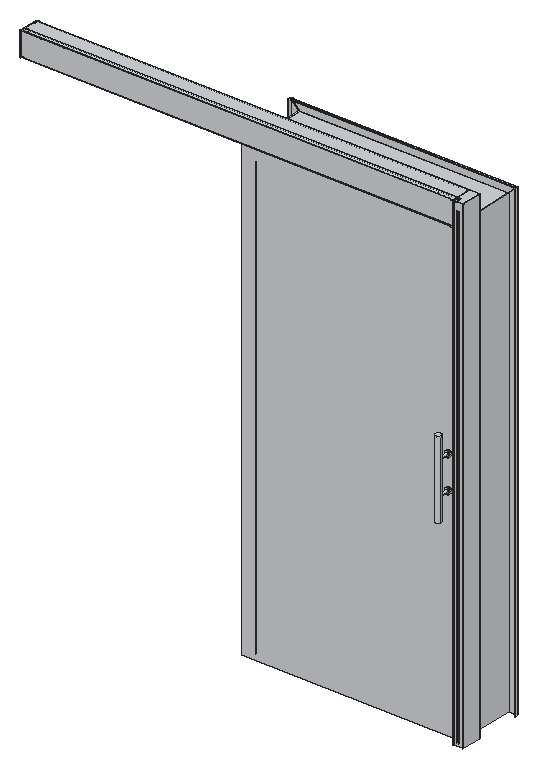
Revit family "R0000106", category Türen, Revit 2021
Family settings
  Basisbauteil = Wand
  Immer vertikal = Ja
  Beim Laden mit Abzugskörper schneiden = Nein
  Gemeinsam genutzt = Nein
  Raumberechnungspunkt = Ja
Parameters (values of type "BOS w SvdW-D Typ42 SK2 2-schalig als Schallschutzelement mit NOVA 150 BOS Holz")
  Grifftiefe = 60 mm  # constant formula
  Türblatt - Auswahl = "42 mm"  # constant formula
  TB = if([wSvdW-D Typ42 SK2 mit NOVA 150 BOS Holz], 1, 1)  # 1
  Schallschutzklasse [instance] = if(Schallschutzanforderung < 1, 0, 2)  # 2
  Schallschutzanforderung - Auswahl [instance] = if(Schallschutzklasse = 0, "Keine", "SK2")  # "SK2"
  Schallschutzanforderung [instance] = 2  # constant formula
  Schallschutz [instance] = if(Schallschutzklasse > 0, 1, 0)  # 1
  Info-Texte sichtbar = yes
  Grifflänge = 350 mm  # constant formula
  RRH Rohbau_Richtmaß_Höhe   Structural Wall Opening Height Measurement [instance] = LDH effektiv Lichte Durchgangs Höhe effektiv   Real Clearance Height + Einfügepunkt  # 2125 mm
  RRB Rohbau_Richtmaß_Breite   Structural Wall Opening Width Measurement [instance] = LDB Lichte Durchgangs Breite   Clearance Width + (2 * Einfügepunkt)  # 1000 mm
  Material - Türgriff = none
  Griffradius = 12.5 mm  # constant formula
  Führungsnutbreite = 18 mm  # constant formula
  Führungsnuttiefe = 36 mm  # constant formula
  Türblatt geöffnet in ...% LDB effektiv [instance] = if(Türblatt geöffnet in ...% LDB effektiv  Doorleaf opened in ...% Real Clearance Width < 0, 0, if(Türblatt geöffnet in ...% LDB effektiv  Doorleaf opened in ...% Real Clearance Width > 100, 100, Türblatt geöffnet in ...% LDB effektiv  Doorleaf opened in ...% Real Clearance Width))  # 0
  Türblatt geöffnet in ...% LDB effektiv  Doorleaf opened in ...% Real Clearance Width [instance] = 0
  Spiegel hinten min. = 42 mm  # constant formula
  Spiegel hinten max. = 80 mm  # constant formula
  wSvdW-D Typ42 SK2 mit NOVA 150 BOS Holz = yes
  Türblatteinstand [instance] = if(DIN rechts   DIN Right, 14 mm, Spiegel vorne STR)  # 14 mm
  Variante - Auswahl [instance] = if(Standardmaße, "Standardmaße", "Sondermaße")  # "Standardmaße"
  Spiegel vorne KS [instance] = 30 mm  # constant formula
  Spiegel vorne STR [instance] = if(DIN links   DIN Left, 40 mm, 43.5 mm)  # 43.5 mm
  Spiegel vorne STL [instance] = if(DIN rechts   DIN Right, 40 mm, 43.5 mm)  # 40 mm
  STR-länge [instance] = LDH effektiv Lichte Durchgangs Höhe effektiv   Real Clearance Height  # 2093 mm
  STL-länge [instance] = LDH effektiv Lichte Durchgangs Höhe effektiv   Real Clearance Height  # 2093 mm
  Putzwinkel vorne KS = 17 mm  # constant formula
  Putzwinkel vorne STR = 17 mm  # constant formula
  Putzwinkel vorne STL = 14 mm  # constant formula
  Putzwinkel vorne AP = 15 mm  # constant formula
  Putzwinkel hinten min. = 9 mm  # constant formula
  Putzwinkel hinten max. = 28 mm  # constant formula
  Material - Dichtung = none
  KS-länge [instance] = LDB Lichte Durchgangs Breite   Clearance Width  # 936 mm
  Griffhöhe = 1068 mm  # constant formula
  Feuchte-/Nässeschutzklasse [instance] = if([Feuchte-/Nässeschutzanforderung] < 1, 0, 1)  # 0
  Feuchte-/Nässeschutzanforderung - Auswahl [instance] = if([Feuchte-/Nässeschutzanforderung] < 1, "Keine", "FR")  # "Keine"
  Feuchte-/Nässeschutzanforderung [instance] = 0
  Feuchte-/Nässeschutz [instance] = if([Feuchte-/Nässeschutzklasse] > 0, 1, 0)  # 0
  Dornmaß = 55 mm  # constant formula
  GT min. [instance] = Putzwinkel hinten min. + MW min. + if(DIN rechts   DIN Right, Putzwinkel vorne STR, Putzwinkel vorne STR)  # 126 mm
  GT max. [instance] = Putzwinkel hinten max. + MW max. + if(DIN rechts   DIN Right, Putzwinkel vorne STR, Putzwinkel vorne STR)  # 605 mm
  GT Profil STR [instance] = Putzwinkel hinten + MW Maulweite   Receiving Opening + 93.5 mm  # 308.5 mm
  GT Profil STL [instance] = Putzwinkel hinten + MW Maulweite   Receiving Opening + Putzwinkel vorne STL  # 229 mm
  Fußbodenaufbau - Auswahl [instance] = if(Fußbodenaufbau < 0 mm, 0 mm, if(Fußbodenaufbau > 150 mm, 150 mm, Fußbodenaufbau))  # 0 mm
  Fußbodenaufbau [instance] = 0 mm
  Fingerschutz-Abstand = Dornmaß - 14 mm  # 41 mm
  Material - Türblatt = none
  LDH effektiv Lichte Durchgangs Höhe effektiv   Real Clearance Height [instance] = if(Standardmaße, if(Standardmaß LDH effektiv Lichte Durchgangs Höhe effektiv   Real Clearance Height Choice < 2, 1968 mm, 2093 mm), if(Sondermaß LDH effektiv Lichte Durchgangs Höhe effektiv   Real Clearance Height Specification < LDH min., LDH min., if(Sondermaß LDH effektiv Lichte Durchgangs Höhe effektiv   Real Clearance Height Specification > LDH max., LDH max., Sondermaß LDH effektiv Lichte Durchgangs Höhe effektiv   Real Clearance Height Specification)))  # 2093 mm
  LDB effektiv Lichte Durchgangs Breite effektiv   Real Clearance Width [instance] = LDB Lichte Durchgangs Breite   Clearance Width - [Fingerschutz-Abstand] - Dornmaß  # 840 mm
  NOVA 150 BOS Holz = [wSvdW-D Typ42 SK2 mit NOVA 150 BOS Holz]  # yes
  Zargenblechstärke = 1.5 mm  # constant formula
  Türblattreferenz [instance] = TAB Türblatt Außenmaß Breite - if(DIN rechts   DIN Right, Spiegel vorne STL, 14 mm) - (if(DIN links   DIN Left, -1, 1) * Türblatt geöffnet in ...% LDB effektiv * (LDB effektiv Lichte Durchgangs Breite effektiv   Real Clearance Width - [Fingerschutz-Abstand] + Dornmaß) / 100)  # 950 mm
  Türblattabstand unten [instance] = 9.5 mm  # constant formula
  TAH Türblatt_Außenmaß_Höhe   Door Leaf Overall Height Measurement [instance] = LDH effektiv Lichte Durchgangs Höhe effektiv   Real Clearance Height + 17 mm  # 2110 mm
  TAH Türblatt Außenmaß Höhe [instance] = TAH Türblatt_Außenmaß_Höhe   Door Leaf Overall Height Measurement  # 2110 mm
  TAB Türblatt_Außenmaß_Breite   Door Leaf Overall Width Measurement [instance] = LDB Lichte Durchgangs Breite   Clearance Width + 54 mm  # 990 mm
  TAB Türblatt Außenmaß Breite [instance] = TAB Türblatt_Außenmaß_Breite   Door Leaf Overall Width Measurement  # 990 mm
  Standardmaße [instance] = yes
  Sondermaße [instance] = not(Standardmaße)  # no
  Putzwinkel hinten   Backbend Back [instance] = 15 mm  # constant formula
  Wandstärke   Wall Thickness [instance] = 200 mm
  Material - Laufschiene = none
  Material - Führungszapfen = none
  Laufkastenlänge [instance] = AMB Außenmaß_Breite   Overall Width Measurement - 46.5 mm  # 1955.5 mm
  LDB Lichte Durchgangs Breite   Clearance Width [instance] = if(Standardmaße, if(Standardmaß LDB Lichte Durchgangs Breite   Clearance Width Choice < 2, 686 mm, if(Standardmaß LDB Lichte Durchgangs Breite   Clearance Width Choice = 2, 811 mm, if(Standardmaß LDB Lichte Durchgangs Breite   Clearance Width Choice = 3, 936 mm, if(Standardmaß LDB Lichte Durchgangs Breite   Clearance Width Choice = 4, 1061 mm, 1186 mm)))), if(Sondermaß LDB Lichte Durchgangs Breite   Clearance Width Specification < LDB min., LDB min., if(Sondermaß LDB Lichte Durchgangs Breite   Clearance Width Specification > LDB max., LDB max., Sondermaß LDB Lichte Durchgangs Breite   Clearance Width Specification)))  # 936 mm
  URL = "www.BestOfSteel.de/stahlzargen/zargen-fuer-schiebetueren/lineaoutside/lineaoutside-d"
  Türblattstärke = if(TB = 1, 42 mm, 42 mm)  # 42 mm
  Türblattversatz [instance] = (Wandstärke   Wall Thickness / 2) + 46 mm  # 146 mm
  Spiegel hinten   Architrave Back [instance] = 42 mm
  Spiegel hinten [instance] = if(Spiegel hinten   Architrave Back < Spiegel hinten min., Spiegel hinten min., if(Spiegel hinten   Architrave Back > Spiegel hinten max., Spiegel hinten max., Spiegel hinten   Architrave Back))  # 42 mm
  Rough Height = 0 mm  # constant formula
  Rough Width = 0 mm  # constant formula
  Rechtliche Hinweise [instance] = "www.BestOfSteel.de/tools-downloads/bim-building-information-modeling/"
  Putzwinkel hinten [instance] = if(Putzwinkel hinten   Backbend Back < Putzwinkel hinten min., Putzwinkel hinten min., if(Putzwinkel hinten   Backbend Back > Putzwinkel hinten max., Putzwinkel hinten max., Putzwinkel hinten   Backbend Back))  # 15 mm
  Modell = "wSvdW-D Typ42 SK2 mit NOVA 150 BOS Holz"
  Material - Zarge = none
  Material = "grundiert, feuerverzinktes Feinblech nach DIN EN 10143"
  MW min. = 100 mm  # constant formula
  MW max. = 560 mm  # constant formula
  MW Maulweite   Receiving Opening [instance] = if(Wandstärke   Wall Thickness < MW min., MW min., if(Wandstärke   Wall Thickness > MW max., MW max., Wandstärke   Wall Thickness))  # 200 mm
  Information in English = no
  Height [instance] = RRH Rohbau_Richtmaß_Höhe   Structural Wall Opening Height Measurement  # 2125 mm
  Hersteller = "BOS GmbH Best Of Steel, Lütkenfelde 4, D-48282 Emsdetten"
  GT Gesamttiefe_Zarge   Total Profile Depth [instance] = Putzwinkel hinten + MW Maulweite   Receiving Opening + if(DIN rechts   DIN Right, Putzwinkel vorne STL, Putzwinkel vorne STR)  # 229 mm
  MW Fehler [instance] = or(Wandstärke   Wall Thickness < MW min., Wandstärke   Wall Thickness > MW max.)  # no
  Funktion = Innen
  LDH min. = 1843 mm  # constant formula
  LDH max. = 2218 mm  # constant formula
  LDB min. = 561 mm  # constant formula
  LDB max. = 1186 mm  # constant formula
  Einfügepunkt = 32 mm  # constant formula
  Griffstange = 1 < 2  # yes
  Dicke = 0 mm  # constant formula
  Dichtungsprofil 16 mm = 1 > 2  # no
  DIN rechts   DIN Right [instance] = yes
  DIN links   DIN Left [instance] = not(DIN rechts   DIN Right)  # no
  DIN Richtung [instance] = if(DIN links   DIN Left, "DIN links", "DIN rechts")  # "DIN rechts"
  Width = 0 mm  # constant formula
  Beschreibung = "2-schalige Schiebetürzarge für vor der Wand laufende Schiebetüren (LineaOutside-D Typ42 SK2) als Schallschutzelement"
  Bauelement = "BOS Stahlzarge"
  BOS-Architekten-Beratung = "Tel.: +49 (0) 2572 203-203; E-Mail: architekten@BestOfSteel.de"
  BE Bodeneinstand   Foundation Bedding [instance] = 0 mm
  BE Bodeneinstand [instance] = if(BE Bodeneinstand   Foundation Bedding < 0 mm, 0 mm, if(BE Bodeneinstand   Foundation Bedding > BE max., BE max., BE Bodeneinstand   Foundation Bedding))  # 0 mm
  BE max. = 100 mm  # constant formula
  Standardmaß LDH effektiv Lichte Durchgangs Höhe effektiv   Real Clearance Height Choice [instance] = 2
  Sondermaß LDH effektiv Lichte Durchgangs Höhe effektiv   Real Clearance Height Specification [instance] = 2093 mm
  Sondermaß LDB Lichte Durchgangs Breite   Clearance Width Specification [instance] = 936 mm
  Standardmaß LDB Lichte Durchgangs Breite   Clearance Width Choice [instance] = 3
  Technische Infos rund um die Stahlzarge = "www.BestOfSteel.de/tools-downloads/technische-infos-rund-um-die-stahlzarge/"
  Aufdopplungstiefe = 3 mm  # constant formula
  Aufdopplungslage [instance] = if(DIN rechts   DIN Right, TAB Türblatt Außenmaß Breite - Spiegel vorne STL, 0 mm)  # 950 mm
  Aufdopplungsbreite [instance] = 40 mm  # constant formula
  Aufdopplung = 1 < 2  # yes
  Anschlagprofillage [instance] = if(DIN rechts   DIN Right, LDB Lichte Durchgangs Breite   Clearance Width, 0 mm)  # 936 mm
  Anschlagprofilbreite = 95 mm  # constant formula
  Anschlagprofillänge [instance] = LDH effektiv Lichte Durchgangs Höhe effektiv   Real Clearance Height + 110 mm  # 2203 mm
  Anforderungen - Auswahl [instance] = if([Feuchte-/Nässeschutzanforderung] < 1, "SK2", "SK2 und FR")  # "SK2"
  AMH Außenmaß_Höhe   Overall Height Measurement [instance] = LDH effektiv Lichte Durchgangs Höhe effektiv   Real Clearance Height + 110 mm  # 2203 mm
  AMB Außenmaß_Breite   Overall Width Measurement [instance] = (2 * LDB Lichte Durchgangs Breite   Clearance Width) + 130 mm  # 2002 mm
  1-Kammer-Dichtung = [wSvdW-D Typ42 SK2 mit NOVA 150 BOS Holz]  # yes
Reference planes
  plane 1 "Wand": y = 0
  plane 2 "Mitte (Links/rechts)": x = 125
  plane 3 "Hinten": y = 100
  plane 4 "Vorne": y = -100
  plane 5 "RRB links": x = -375
  plane 6 "RRB rechts": x = 625
  plane 7 "RRH oben": z = 2125
  plane 8 "BE": z = 0
  plane 9 "LDH oben": z = 2093
  plane 10 "BE max.": z = -100
  plane 11 "LDB links": x = -343
  plane 12 "LDB rechts": x = 593
  plane 13 "OFF": z = 0
  plane 14 "Türblattachse": y = -146
Forms (mm)
  Sweep 1, void
    path origin (0, -100, 0) x (-1, 0, 0) y (0, 0, 1)
      loop
        line (375, 0) -> (375, 2125) -> (-125, 2125)
    profile origin (-375, -100, 1062.5) x (1, 0, 0) y (0, 1, 0)
      loop
        line (0, 200) -> (0, 0) -> (500, 0) -> (500, 200) -> (0, 200)
  Sweep 2, void
    path origin (0, -100, 0) x (-1, 0, 0) y (0, 0, 1)
      loop
        line (-625, 0) -> (-625, 2125) -> (-125, 2125)
    profile origin (625, -100, 1062.5) x (1, 0, 0) y (0, 1, 0)
      loop
        line (-500, 200) -> (-500, 0) -> (0, 0) -> (0, 200) -> (-500, 200)
Lines and regions (mm)
  reference lines
    curve 1: line (65, 650, 0) -> (185, 650, 0)
    curve 2: line (65, -650, 0) -> (185, -650, 0)
    curve 3: line (1125, 100, 0) -> (1125, -100, 0)
Text (mm)
  text "Außen     " at (-1696.17, 830.944, 0), in view "Ref.-Ebene"
  text "Außen" at (0, 1409.804, 2854.306), in view "Links"
  text "Placement side" at (0, 499.811, 2980.732), in view "Rechts"
Dimensions and locks
  locked: plane 3 "Hinten" to host wall
  locked: host wall to plane 4 "Vorne"
  level to plane 7 "RRH oben" = 2125 mm
  equal spacing: plane 5 "RRB links", plane 2 "Mitte (Links/rechts)", plane 6 "RRB rechts"
  "Wandstärke   Wall Thickness": host wall to host wall
  "LDH effektiv Lichte Durchgangs Höhe effektiv   Real Clearance Height": plane 9 "LDH oben" to plane 13 "OFF"
  "RRH Rohbau_Richtmaß_Höhe   Structural Wall Opening Height Measurement": plane 7 "RRH oben" to plane 13 "OFF"
  "RRB Rohbau_Richtmaß_Breite   Structural Wall Opening Width Measurement": plane 5 "RRB links" to plane 6 "RRB rechts"
  curve 2 to plane 4 "Vorne" to plane 3 "Hinten" to curve 1 = 550 mm, 200 mm, 550 mm
  equal spacing: plane 11 "LDB links", plane 2 "Mitte (Links/rechts)", plane 12 "LDB rechts"
  "LDB Lichte Durchgangs Breite   Clearance Width": plane 11 "LDB links" to plane 12 "LDB rechts"
  plane 6 "RRB rechts" to curve 3 = 500 mm
  "Fußbodenaufbau - Auswahl": plane 13 "OFF" to level
  "BE Bodeneinstand": plane 13 "OFF" to plane 8 "BE"
  "Türblattversatz": plane 14 "Türblattachse" to host wall
  "BE max.": level to plane 10 "BE max."
  aligned and locked: plane 1 "Wand" to host wall
  aligned and locked: plane 9 "LDH oben" to nested 1
  aligned and locked: plane 4 "Vorne" to nested 1
  aligned and locked: plane 2 "Mitte (Links/rechts)" to nested 1
  aligned and locked: plane 3 "Hinten" to curve 3
  aligned and locked: plane 4 "Vorne" to curve 3
  aligned and locked: nested 2 to curve 3
  aligned and locked: plane 1 "Wand" to nested 2
  aligned and locked: plane 2 "Mitte (Links/rechts)" to nested 3
  aligned and locked: curve 2 to nested 4
  aligned and locked: nested 4 to plane 2 "Mitte (Links/rechts)"
  aligned and locked: plane 11 "LDB links" to nested 6
  aligned and locked: plane 12 "LDB rechts" to nested 8
  aligned and locked: nested 6 to plane 4 "Vorne"
  aligned and locked: plane 4 "Vorne" to nested 8
  aligned and locked: plane 11 "LDB links" to nested 7
  aligned and locked: plane 12 "LDB rechts" to nested 9
  aligned and locked: plane 4 "Vorne" to nested 9
  aligned and locked: nested 7 to plane 4 "Vorne"
  aligned and locked: nested 5 to plane 4 "Vorne"
  aligned and locked: plane 2 "Mitte (Links/rechts)" to nested 5
  aligned and locked: plane 11 "LDB links" to nested 11
  aligned and locked: plane 12 "LDB rechts" to nested 10
  aligned and locked: nested 10 to plane 4 "Vorne"
  aligned and locked: plane 4 "Vorne" to nested 11
  aligned and locked: plane 5 "RRB links" to nested 12
  aligned and locked: plane 6 "RRB rechts" to nested 13
  aligned and locked: nested 12 to plane 4 "Vorne"
  aligned and locked: plane 4 "Vorne" to nested 13
  aligned and locked: plane 14 "Türblattachse" to nested 14
  aligned and locked: plane 11 "LDB links" to nested 14
  aligned and locked: nested 5 to nested 15  (x2)
  aligned and locked: Sweep 1 sketch curve to plane 7 "RRH oben"
  aligned and locked: plane 2 "Mitte (Links/rechts)" to Sweep 1 sketch curve
  aligned and locked: plane 5 "RRB links" to Sweep 1 sketch curve  (x2)
  aligned and locked: level to Sweep 1 sketch curve
  aligned and locked: Sweep 1 sketch curve to plane 2 "Mitte (Links/rechts)"
  aligned and locked: Sweep 1 sketch curve to nested 12  (x2)
  aligned and locked: plane 2 "Mitte (Links/rechts)" to Sweep 2 sketch curve  (x2)
  aligned and locked: plane 7 "RRH oben" to Sweep 2 sketch curve
  aligned and locked: plane 6 "RRB rechts" to Sweep 2 sketch curve
  aligned and locked: level to Sweep 2 sketch curve
  aligned and locked: Sweep 2 sketch curve to plane 6 "RRB rechts"
  aligned and locked: Sweep 2 sketch curve to nested 13  (x2)
Automatic sketch dimensions
  plane 2 "Mitte (Links/rechts)" to curve 1 = 60 mm
  plane 2 "Mitte (Links/rechts)" to curve 2 = 60 mm
  curve 1 to plane 2 "Mitte (Links/rechts)" = 60 mm
  curve 2 to plane 2 "Mitte (Links/rechts)" = 60 mm
Nested families
  nested 1: "BOS-Laufkasten-(w)SvdW-D(SK2)_Modell-21" at (29.653, -64.347, 2122.996), type "Laufkasten", detail levels medium+fine
    with TSExtrusionsbeginn -1484.5 mm, TSExtrusionsende 464 mm, Laufkastenlänge 1955.5 mm, N355-Extrusionsende 436 mm, N355-Extrusionsbeginn -1456.5 mm, LKExtrusionsende 466.5 mm, LKExtrusionsbeginn -1487 mm, LDB 936 mm
  nested 2: "BOS-Info-Texte_Beschriftung-21" at (1125, -0.955, 0), visible <- "MW Fehler", type "Maulweite Fehlermeldung"
  nested 3: "BOS-Info-Texte_Beschriftung-21" at (125, 649.045, 0), visible <- "Info-Texte sichtbar", type "Technische Hinweise"
  nested 4: "BOS-Info-Texte_Beschriftung-21" at (125, -650.955, 0), visible <- "Info-Texte sichtbar", type "Rechtliche Hinweise"
  nested 5: "BOS-Kopfstück-wSvdW-D(SK2)_Modell-21" at (-47.574, -20.347, 2093), type "Kopfstück", detail levels medium+fine
    with Überstand rechts 45 mm, Überstand links 45 mm, Spiegel hinten 42 mm, Elementlänge 936 mm
  nested 6: "BOS-Seitenteil-wSvdW-D(SK2)_Modell-21" at (-438.347, -20.347, 0), visible <- "DIN rechts   DIN Right", type "Seitenteil links", detail levels medium+fine
  nested 7: "BOS-Seitenteil-wSvdW-D(SK2)_Modell-21" at (-438.347, -20.347, 0), visible <- "DIN links   DIN Left", type "Seitenteil rechts", detail levels medium+fine
    with Winkel 45.00°, Spiegel hinten 42 mm, Elementlänge 2093 mm, BE Bodeneinstand 0 mm
  nested 8: "BOS-Seitenteil-wSvdW-D(SK2)_Modell-21" at (688.347, -20.347, 0.004) x (-1, 0, 0) z (0, 0, 1), visible <- "DIN links   DIN Left", type "Seitenteil links", detail levels medium+fine
  nested 9: "BOS-Seitenteil-wSvdW-D(SK2)_Modell-21" at (688.347, -20.347, 0.004) x (-1, 0, 0) z (0, 0, 1), visible <- "DIN rechts   DIN Right", type "Seitenteil rechts", detail levels medium+fine
    with Winkel 45.00°, Spiegel hinten 42 mm, Elementlänge 2093 mm, BE Bodeneinstand 0 mm
  nested 10: "BOS-Anschlagprofil-(w)SvdW-D(SK2)_Modell-21" at (497.653, -20.347, 0), visible <- "DIN rechts   DIN Right", type "Anschlagprofil", detail levels medium+fine
    with Dichtungsprofil 16 mm no, 1-Kammer-Dichtung yes
  nested 11: "BOS-Anschlagprofil-(w)SvdW-D(SK2)_Modell-21" at (-247.653, -20.347, 0.004) x (-1, 0, 0) z (0, 0, 1), visible <- "DIN links   DIN Left", type "Anschlagprofil", detail levels medium+fine
    with Dichtungsprofil 16 mm no, 1-Kammer-Dichtung yes
  nested 12: "BOS-verkröpfter-Flachstahlanker-wSvdW_Detail-21" at (-375, -107.65, 0), type "BOS-verkröpfter-Flachstahlanker-wSvdW-links_Detail", detail levels fine
    with Unterfütterungsabstand vorne 44 mm, Putzwinkel vorne 14 mm, Ankerlasche vorne unten 12 mm
  nested 13: "BOS-verkröpfter-Flachstahlanker-wSvdW_Detail-21" at (625, -107.65, 0) x (-1, 0, 0) z (0, 0, 1), type "BOS-verkröpfter-Flachstahlanker-wSvdW-rechts_Detail", detail levels fine
    with Ankerlasche hinten 202 mm, Ankerlasche vorne unten 12 mm, Ankerabstand vorne 0 mm, Anker nach unten - rechts yes, Anker nach unten - links no
  nested 14: "JW-Türblatt-Schiebetürzargen_Modell-21" at (-414, -255, 0), type "JW Typ42 SK2 Professional"
    with Türblattreferenz 950 mm, Grifftiefe 60 mm, Griffposition 935 mm, Griffhöhe 1068 mm, TAB Türblatt Außenmaß Breite 990 mm, Bekleidung 0.5 mm, Aufdopplungslage 950 mm
  nested 15: "BOS-Logo_Modell-21" at (-379.5, 100, 0), type "BOS-Logo_Modell-21"
Definition of nested family "BOS-Laufkasten-(w)SvdW-D(SK2)_Modell-21"
  Parameters (values of type "BOS-Laufkasten-(w)SvdW-D_Modell-21")
    Default Elevation = 1219.2 mm
    URL = "www.BestOfSteel.de"
    Trägerschienenabstand = 2.5 mm  # constant formula
    Technische Infos rund um die Stahlzarge = "www.BestOfSteel.de/tools-downloads/technische-infos-rund-um-die-stahlzarge"
    TSExtrusionsbeginn = LKExtrusionsbeginn + Trägerschienenabstand  # -217 mm
    TSExtrusionsende = LKExtrusionsende - Trägerschienenabstand  # 56 mm
    Rechtliche Hinweise = "www.BestOfSteel.de/tools-downloads/bim-building-information-modeling"
    Material - Zarge = none
    Material - Laufschiene = none
    Laufschienenabstand = if([Laufschiene N355 (NOVA 150)], 28 mm, 28 mm)  # 28 mm
    Laufschiene N355 (NOVA 150) = yes
    Laufkastenlänge = 280 mm
    Laufkastenendkappenstärke = 2 mm
    N355-Extrusionsende = TSExtrusionsende - Laufschienenabstand  # 28 mm
    N355-Extrusionsbeginn = TSExtrusionsbeginn + Laufschienenabstand  # -189 mm
    LKExtrusionsende = if(DIN links, (Laufkastenlänge - Laufkastenendkappenstärke - LDB / 2 + 1.5 mm), LDB / 2 - 1.5 mm)  # 58.5 mm
    LKExtrusionsbeginn = if(DIN rechts, -(Laufkastenlänge - Laufkastenendkappenstärke - LDB / 2 + 1.5 mm), -LDB / 2 + 1.5 mm)  # -219.5 mm
    LDB = 120 mm
    DIN rechts = yes
    DIN links = no
    Description = "Laufkasten (w)SvdW-D"
    Keynote = "BOS Laufkasten"
    BOS-Architekten-Beratung = "Tel.: +49 (0) 2572 203-203; E-Mail: architekten@BestOfSteel.de"
  Reference planes
    plane 1 "Achse Laufschiene": y = -79.653
    plane 2 "Spiegel vorne oben": z = 0.004
    plane 3 "Mitte (Zarge)": x = 95.347
    plane 4 "LDB links/rechts": x = 35.347
    plane 5 "LDB rechts/links": x = 155.347
    plane 6 "AMH oben": z = 80.004
    plane 7 "Außen": y = -130.653
    plane 8 "Wand": y = -35.653
    plane 9 "LK unten": z = -29.996
  Forms (mm)
    Extrusion 1, solid, material <- "Material - Zarge"
      sketch origin (95.347, 0, -28.996) x (0, 1, 0) y (0, 0, 1)
        loop
          line (-38.653, 107.5) -> (-107.653, 107.5) -> (-107.653, 109) -> (-126.653, 109)
          arc (-126.653, 109) -> (-128.42, 108.268) -> (-129.153, 106.5) r 2.5
          line (-129.153, 106.5) -> (-129.153, 1.5)
          arc (-129.153, 1.5) -> (-128.42, -0.268) -> (-126.653, -1) r 2.5
          line (-126.653, -1) -> (-111.153, -1)
          arc (-111.153, -1) -> (-109.385, -0.268) -> (-108.653, 1.5) r 2.5
          line (-108.653, 1.5) -> (-108.653, 6.5) -> (-110.153, 6.5) -> (-110.153, 1.5)
          arc (-110.153, 1.5) -> (-110.446, 0.793) -> (-111.153, 0.5) r 1
          line (-111.153, 0.5) -> (-126.653, 0.5)
          arc (-126.653, 0.5) -> (-127.36, 0.793) -> (-127.653, 1.5) r 1
          line (-127.653, 1.5) -> (-127.653, 79.5) -> (-125.653, 79.5) -> (-125.653, 104.5)
          arc (-125.653, 104.5) -> (-125.36, 105.207) -> (-124.653, 105.5) r 1
          line (-124.653, 105.5) -> (-38.653, 105.5)
          arc (-38.653, 105.5) -> (-37.946, 105.207) -> (-37.653, 104.5) r 1
          line (-37.653, 104.5) -> (-37.653, 32)
          arc (-37.653, 32) -> (-37.946, 31.293) -> (-38.653, 31) r 1
          line (-38.653, 31) -> (-52.653, 31) -> (-52.653, 29) -> (-38.653, 29)
          arc (-38.653, 29) -> (-36.531, 29.879) -> (-35.653, 32) r 3
          line (-35.653, 32) -> (-35.653, 104.5)
          arc (-35.653, 104.5) -> (-36.531, 106.621) -> (-38.653, 107.5) r 3
      from -219.5 <- "LKExtrusionsbeginn" to 58.5 <- "LKExtrusionsende"
    Extrusion 2, solid, material <- "Material - Zarge"
      sketch origin (95.347, 0, 15.692) x (0, 1, 0) y (0, 0, 1)
        loop
          line (-55.153, 58.312) -> (-38.653, 58.312) -> (-38.653, 60.312) -> (-55.153, 60.312)
          arc (-55.153, 60.312) -> (-57.981, 59.14) -> (-59.153, 56.312) r 4
          line (-59.153, 56.312) -> (-59.153, 49.312)
          arc (-59.153, 49.312) -> (-59.738, 47.898) -> (-61.153, 47.312) r 2
          line (-61.153, 47.312) -> (-98.153, 47.312)
          arc (-98.153, 47.312) -> (-99.567, 47.898) -> (-100.153, 49.312) r 2
          line (-100.153, 49.312) -> (-100.153, 56.312)
          arc (-100.153, 56.312) -> (-101.324, 59.14) -> (-104.153, 60.312) r 4
          line (-104.153, 60.312) -> (-116.153, 60.312) -> (-116.153, 58.312) -> (-104.153, 58.312)
          arc (-104.153, 58.312) -> (-102.738, 57.726) -> (-102.153, 56.312) r 2
          line (-102.153, 56.312) -> (-102.153, 49.312)
          arc (-102.153, 49.312) -> (-100.981, 46.484) -> (-98.153, 45.312) r 4
          line (-98.153, 45.312) -> (-61.153, 45.312)
          arc (-61.153, 45.312) -> (-58.324, 46.484) -> (-57.153, 49.312) r 4
          line (-57.153, 49.312) -> (-57.153, 56.312)
          arc (-57.153, 56.312) -> (-56.567, 57.726) -> (-55.153, 58.312) r 2
      from -217 <- "TSExtrusionsbeginn" to 56 <- "TSExtrusionsende"
    Extrusion 3, solid, material <- "Material - Laufschiene"
      sketch origin (95.347, 0, 15.692) x (0, 1, 0) y (0, 0, 1)
        loop
          line (-61.903, 45.312) -> (-97.403, 45.312) -> (-97.403, -0.188) -> (-88.403, -0.188) -> (-88.403, 7.312) -> (-94.903, 9.678) -> (-94.903, 33.124) -> (-88.767, 35.357) -> (-88.767, 42.812) -> (-72.403, 42.812) -> (-72.403, 36.035) -> (-64.403, 33.124) -> (-64.403, 9.678) -> (-70.903, 7.312) -> (-70.903, -0.188) -> (-61.903, -0.188) -> (-61.903, 45.312)
      from -189 <- "N355-Extrusionsbeginn" to 28 <- "N355-Extrusionsende"
    Extrusion 4, solid, material <- "Material - Zarge", visible <- "DIN rechts"
      sketch origin (95.347, 0, -1.5) x (0, 1, 0) y (0, 0, 1)
        loop
          line (-38.653, 80.004) -> (-126.653, 80.004)
          arc (-126.653, 80.004) -> (-128.444, 78.982) -> (-129.153, 77.046) r 3
          line (-129.153, 77.046) -> (-129.153, -26.996)
          arc (-129.153, -26.996) -> (-128.274, -29.118) -> (-126.153, -29.996) r 3
          line (-126.153, -29.996) -> (-38.653, -29.996)
          arc (-38.653, -29.996) -> (-36.531, -29.118) -> (-35.653, -26.996) r 3
          line (-35.653, -26.996) -> (-35.653, 77.004)
          arc (-35.653, 77.004) -> (-36.531, 79.125) -> (-38.653, 80.004) r 3
      from -221.5 to -219.5
    Extrusion 5, solid, material <- "Material - Zarge", visible <- "DIN links"
      sketch origin (95.347, 0, -1.5) x (0, 1, 0) y (0, 0, 1)
        loop
          line (-38.653, 80.004) -> (-126.653, 80.004)
          arc (-126.653, 80.004) -> (-128.444, 78.982) -> (-129.153, 77.046) r 3
          line (-129.153, 77.046) -> (-129.153, -26.996)
          arc (-129.153, -26.996) -> (-128.274, -29.118) -> (-126.153, -29.996) r 3
          line (-126.153, -29.996) -> (-38.653, -29.996)
          arc (-38.653, -29.996) -> (-36.531, -29.118) -> (-35.653, -26.996) r 3
          line (-35.653, -26.996) -> (-35.653, 77.004)
          arc (-35.653, 77.004) -> (-36.531, 79.125) -> (-38.653, 80.004) r 3
      from 58.5 to 60.5
  Dimensions and locks
    "LDB": plane 5 "LDB rechts/links" to plane 4 "LDB links/rechts"
    equal spacing: plane 5 "LDB rechts/links", plane 3 "Mitte (Zarge)", plane 4 "LDB links/rechts"
    plane 6 "AMH oben" to plane 9 "LK unten" = 110 mm
    plane 8 "Wand" to plane 7 "Außen" = 95 mm  (x2)
    plane 8 "Wand" to plane 1 "Achse Laufschiene" = 44 mm
    plane 6 "AMH oben" to plane 2 "Spiegel vorne oben" = 80 mm
    "Laufkastenendkappenstärke": Extrusion 4 to Extrusion 4
    "Laufkastenendkappenstärke": Extrusion 5 to Extrusion 5
    aligned and locked: plane 2 "Spiegel vorne oben" to level
    aligned and locked: Extrusion 4 to Extrusion 1
    aligned and locked: Extrusion 5 to Extrusion 1
  Automatic sketch dimensions
    Extrusion 1 sketch curve to Extrusion 1 sketch curve = 0 mm  (x10)
    plane 7 "Außen" to Extrusion 1 sketch curve = 1.5 mm
    Extrusion 1 sketch curve to Extrusion 1 sketch curve = 1.5 mm
    Extrusion 1 sketch curve to Extrusion 1 sketch curve = 1 mm  (x5)
    Extrusion 1 sketch curve to Extrusion 1 sketch curve = 15.5 mm
    Extrusion 1 sketch curve to Extrusion 1 sketch curve = 17 mm
    Extrusion 1 sketch curve to plane 6 "AMH oben" = 80 mm
    plane 7 "Außen" to Extrusion 1 sketch curve = 78 mm
    plane 7 "Außen" to Extrusion 1 sketch curve = 92 mm
    Extrusion 1 sketch curve to Extrusion 1 sketch curve = 14 mm
    Extrusion 1 sketch curve to Extrusion 1 sketch curve = 2 mm  (x2)
    Extrusion 1 sketch curve to plane 6 "AMH oben" = 102.5 mm
    Extrusion 1 sketch curve to plane 6 "AMH oben" = 29.5 mm
    Extrusion 1 sketch curve to Extrusion 1 sketch curve = 72.5 mm
    Extrusion 2 sketch curve to Extrusion 2 sketch curve = 0 mm  (x8)
    plane 7 "Außen" to Extrusion 2 sketch curve = 14.5 mm
    Extrusion 2 sketch curve to Extrusion 2 sketch curve = 12 mm
    Extrusion 2 sketch curve to Extrusion 2 sketch curve = 2 mm  (x5)
    Extrusion 2 sketch curve to plane 1 "Achse Laufschiene" = 18.5 mm
    Extrusion 2 sketch curve to plane 8 "Wand" = 3 mm
    Extrusion 2 sketch curve to plane 6 "AMH oben" = 19 mm
    Extrusion 2 sketch curve to Extrusion 2 sketch curve = 7 mm  (x2)
    Extrusion 3 sketch curve to plane 6 "AMH oben" = 19 mm
    plane 7 "Außen" to Extrusion 3 sketch curve = 33.25 mm
    Extrusion 3 sketch curve to plane 6 "AMH oben" = 54.634 mm
    Extrusion 3 sketch curve to Extrusion 3 sketch curve = 2.5 mm
    Extrusion 3 sketch curve to Extrusion 3 sketch curve = 6.5 mm  (x2)
    Extrusion 3 sketch curve to Extrusion 3 sketch curve = 6.135 mm
    Extrusion 3 sketch curve to plane 6 "AMH oben" = 21.5 mm
    Extrusion 3 sketch curve to Extrusion 3 sketch curve = 16.365 mm
    Extrusion 3 sketch curve to Extrusion 3 sketch curve = 17.5 mm
    Extrusion 3 sketch curve to Extrusion 3 sketch curve = 10.5 mm
    Extrusion 3 sketch curve to Extrusion 3 sketch curve = 0 mm
    Extrusion 3 sketch curve to Extrusion 3 sketch curve = 2.366 mm  (x2)
    Extrusion 3 sketch curve to Extrusion 3 sketch curve = 7.5 mm  (x2)
    Extrusion 3 sketch curve to plane 6 "AMH oben" = 31.188 mm  (x2)
    Extrusion 3 sketch curve to Extrusion 3 sketch curve = 7.455 mm
    Extrusion 3 sketch curve to Extrusion 3 sketch curve = 6.777 mm
    Extrusion 1 sketch curve to plane 6 "AMH oben" = 0 mm
    Extrusion 1 sketch curve to plane 9 "LK unten" = 0 mm
    Extrusion 4 sketch curve to plane 8 "Wand" = 0 mm
    Extrusion 4 sketch curve to plane 6 "AMH oben" = 1.5 mm
    Extrusion 4 sketch curve to plane 8 "Wand" = 3 mm  (x2)
    Extrusion 4 sketch curve to plane 9 "LK unten" = 1.5 mm
    plane 7 "Außen" to Extrusion 4 sketch curve = 4.5 mm
    plane 7 "Außen" to Extrusion 4 sketch curve = 1.5 mm
    Extrusion 4 sketch curve to Extrusion 4 sketch curve = 2.958 mm
    plane 7 "Außen" to Extrusion 4 sketch curve = 4 mm
    Extrusion 5 sketch curve to plane 8 "Wand" = 0 mm
    Extrusion 5 sketch curve to plane 8 "Wand" = 3 mm  (x2)
    plane 7 "Außen" to Extrusion 5 sketch curve = 4.5 mm  (x2)
    Extrusion 5 sketch curve to Extrusion 5 sketch curve = 0.5 mm
    plane 7 "Außen" to Extrusion 5 sketch curve = 1.5 mm
    Extrusion 5 sketch curve to plane 6 "AMH oben" = 111.5 mm
    Extrusion 5 sketch curve to Extrusion 5 sketch curve = 104 mm
Definition of nested family "BOS-Kopfstück-wSvdW-D(SK2)_Modell-21"
  Parameters (values of type "Kopfstück")
    Überstand rechts = Spiegel hinten + 3 mm  # 48 mm
    Überstand links = Spiegel hinten + 3 mm  # 48 mm
    WInkel = 45.00°  # constant formula
    Default Elevation = 1219.2 mm
    URL = "www.BestOfSteel.de"
    Technische Infos rund um die Stahlzarge = "www.BestOfSteel.de/tools-downloads/technische-infos-rund-um-die-stahlzarge"
    Spiegel vorne oben = 30 mm
    Spiegel hinten = 45 mm
    Rechtliche Hinweise = "www.BestOfSteel.de/tools-downloads/bim-building-information-modeling"
    Putzwinkel vorne KS = 17 mm
    Putzwinkel hinten = 15 mm
    Material - Dichtung = none
    MW Maulweite = 200 mm
    Material - Zarge = none
    GT Profil = Putzwinkel hinten + MW Maulweite + Putzwinkel vorne KS  # 232 mm
    Extrusionsende = -(MW Maulweite + Putzwinkel hinten)  # -215 mm
    Elementlänge = 300 mm
    Description = "wSvdW-D(SK2)"
    Keynote = "BOS Kopfstück"
    BOS-Architekten-Beratung = "Tel.: +49 (0) 2572 203-203; E-Mail: architekten@BestOfSteel.de"
  Reference planes
    plane 1 "Vorne": y = -79.653
    plane 2 "LDH oben": z = 0.004
    plane 3 "Mitte (links/rechts)": x = 172.574
    plane 4 "Hinten": y = 120.347
    plane 5: y = -96.653
    plane 6: z = 30.004
    plane 7: z = 45.004
    plane 8: y = 135.347
    plane 9: x = 22.574
    plane 10: x = 322.574
    plane 11: x = -25.426
    plane 12: x = 370.574
    plane 13: z = 3.004
  Forms (mm)
    Sweep 1, solid, material <- "Material - Zarge"
      path origin (56.303, -1524, 0.004) x (-1, 0, 0) y (0, -1, 0)
        loop
          line (81.728, -1444.347) -> (-314.272, -1444.347)
      profile "BOS-wSvdW-D_Profil-21 : BOS-wSvdW-D_Profil-21" origin (172.574, -79.653, 0.004) x (0, 1, 0) y (0, 0, 1)
        loop
          line (-8, 16.5) -> (-14.5, 16.5)
          arc (-14.5, 16.5) -> (-15.207, 16.793) -> (-15.5, 17.5) r 1
          line (-15.5, 17.5) -> (-15.5, 27.5)
          arc (-15.5, 27.5) -> (-15.207, 28.207) -> (-14.5, 28.5) r 1
          line (-14.5, 28.5) -> (0, 28.5) -> (0, 30) -> (-14.5, 30)
          arc (-14.5, 30) -> (-16.268, 29.268) -> (-17, 27.5) r 2.5
          line (-17, 27.5) -> (-17, 17.5)
          arc (-17, 17.5) -> (-16.268, 15.732) -> (-14.5, 15) r 2.5
          line (-14.5, 15) -> (-8, 15)
          arc (-8, 15) -> (-7.293, 14.707) -> (-7, 14) r 1
          line (-7, 14) -> (-7, 6.002)
          arc (-7, 6.002) -> (-7.586, 4.587) -> (-9, 4.002) r 2
          line (-9, 4.002) -> (-14.034, 4.956)
          arc (-14.034, 4.956) -> (-16.989, 2.734) -> (-14.5, 0) r 2.5
          line (-14.5, 0) -> (36.5, 0)
          arc (36.5, 0) -> (38, 1.5) -> (36.5, 3) r 1.5
          line (36.5, 3) -> (212.5, 3)
          arc (212.5, 3) -> (214.268, 3.732) -> (215, 5.5) r 2.5
          line (215, 5.5) -> (215, 45.5)
          arc (215, 45.5) -> (214.268, 47.268) -> (212.5, 48) r 2.5
          line (212.5, 48) -> (200, 48) -> (200, 46.5) -> (212.5, 46.5)
          arc (212.5, 46.5) -> (213.207, 46.207) -> (213.5, 45.5) r 1
          line (213.5, 45.5) -> (213.5, 5.5)
          arc (213.5, 5.5) -> (213.207, 4.793) -> (212.5, 4.5) r 1
          line (212.5, 4.5) -> (15.5, 4.5)
          arc (15.5, 4.5) -> (14.793, 4.793) -> (14.5, 5.5) r 1
          line (14.5, 5.5) -> (14.5, 13.5)
          arc (14.5, 13.5) -> (14.793, 14.207) -> (15.5, 14.5) r 1
          line (15.5, 14.5) -> (22, 14.5) -> (22, 16) -> (15.5, 16)
          arc (15.5, 16) -> (13.732, 15.268) -> (13, 13.5) r 2.5
          line (13, 13.5) -> (13, 5.5)
          arc (13, 5.5) -> (13.732, 3.732) -> (15.5, 3) r 2.5
          line (15.5, 3) -> (28, 3) -> (28, 1.5) -> (-14.5, 1.5)
          arc (-14.5, 1.5) -> (-15.495, 2.597) -> (-14.306, 3.481) r 1
          line (-14.306, 3.481) -> (-9.677, 2.568)
          arc (-9.677, 2.568) -> (-6.778, 3.298) -> (-5.5, 6.002) r 3.5
          line (-5.5, 6.002) -> (-5.5, 14)
          arc (-5.5, 14) -> (-6.232, 15.768) -> (-8, 16.5) r 2.5
    Sweep 2, solid, material <- "Material - Dichtung"
      path origin (0, 0, 0.004) x (1, 0, 0) y (0, 1, 0)
        loop
          line (22.574, -79.653) -> (322.574, -79.653)
      profile "BOS-Dichtungsprofil_Profil-21 : BOS-Dichtungsprofil_Profil-21" origin (172.574, -79.653, 0.004) x (0, 1, 0) y (0, 0, 1)
        loop
          line (-16.045, 12.99) -> (-16.045, 6.732) -> (-8.493, 6.732) -> (-8.493, 12.99) -> (-16.045, 12.99)
        loop
          arc (-19.122, 11.602) -> (-20.701, 11.559) -> (-22.278, 11.669) r 16.343
          line (-22.278, 11.669) -> (-23.272, 14.897)
          arc (-23.272, 14.897) -> (-24.329, 14.933) -> (-25, 14.116) r 1.195
          arc (-25, 14.116) -> (-23.289, 6.56) -> (-18.068, 0.835) r 15.164
          arc (-18.068, 0.835) -> (-17.406, 0.805) -> (-17.054, 1.366) r 0.658
          line (-17.054, 1.366) -> (-16.959, 4.244)
          arc (-16.959, 4.244) -> (-16.522, 5.3) -> (-15.466, 5.737) r 1.494
          line (-15.466, 5.737) -> (-9.199, 5.737)
          arc (-9.199, 5.737) -> (-9.383, 4.696) -> (-8.326, 4.661) r 0.7
          line (-8.326, 4.661) -> (-7, 6.091) -> (-7, 13.615) -> (-7.622, 14.659)
          arc (-7.622, 14.659) -> (-8.56, 14.914) -> (-8.849, 13.986) r 0.7
          line (-8.849, 13.986) -> (-11.688, 13.986) -> (-12.059, 14.68)
          arc (-12.059, 14.68) -> (-13.023, 14.957) -> (-13.274, 13.986) r 0.7
          line (-13.274, 13.986) -> (-15.706, 13.986)
          arc (-15.706, 13.986) -> (-16.687, 15.015) -> (-17.441, 13.811) r 0.9
          line (-17.441, 13.811) -> (-19.122, 11.602)
        loop
          arc (-17.802, 2.712) -> (-18.206, 4.787) -> (-17.041, 6.55) r 2.794
          line (-17.041, 6.55) -> (-17.041, 13.373) -> (-18.931, 10.89)
          arc (-18.931, 10.89) -> (-20.822, 10.805) -> (-22.698, 11.059) r 10.612
          line (-22.698, 11.059) -> (-23.714, 13.608)
          arc (-23.714, 13.608) -> (-22.172, 7.392) -> (-17.802, 2.712) r 12.738
    Extrusion 3, void
      sketch origin (0, -79.653, 0) x (1, 0, 0) y (0, 0, 1)
        loop
          line (322.574, 0.004) -> (370.574, 0.004) -> (370.574, 48.004) -> (322.574, 0.004)
        loop
          line (22.574, 0.004) -> (-25.426, 48.004) -> (-25.426, 0.004) -> (22.574, 0.004)
      from -215 <- "Extrusionsende" to -10
    Extrusion 4, void
      sketch origin (-25.426, -1524, 49.345) x (0, 0, 1) y (0, -1, 0)
        loop
          line (-19.341, -1449.004) -> (-19.341, -1417.347) -> (-49.341, -1417.347) -> (-49.341, -1480.847)
          arc (-49.341, -1480.847) -> (-47.841, -1482.347) -> (-46.341, -1480.847) r 1.5
          line (-46.341, -1480.847) -> (-46.341, -1449.004) -> (-19.341, -1449.004)
      from 0 to 48
    Extrusion 5, void
      sketch origin (322.574, -1524, 49.345) x (0, 0, 1) y (0, -1, 0)
        loop
          line (-46.341, -1480.847) -> (-46.341, -1444.347) -> (-19.341, -1444.347) -> (-19.341, -1417.347) -> (-49.341, -1417.347) -> (-49.341, -1480.847)
          arc (-49.341, -1480.847) -> (-47.841, -1482.347) -> (-46.341, -1480.847) r 1.5
      from 0 to 48
  Cuts and joins
    Extrusion 3, Extrusion 4, Extrusion 5 cuts Sweep 1
  Dimensions and locks
    "MW Maulweite": plane 4 "Hinten" to plane 1 "Vorne"
    "Putzwinkel hinten": plane 8 to plane 4 "Hinten"
    "Spiegel hinten": plane 2 "LDH oben" to plane 7
    "Putzwinkel vorne KS": plane 1 "Vorne" to plane 5
    "Spiegel vorne oben": plane 2 "LDH oben" to plane 6
    equal spacing: plane 10, plane 3 "Mitte (links/rechts)", plane 9
    "Elementlänge": plane 10 to plane 9
    "Überstand links": plane 9 to plane 11
    "Überstand rechts": plane 12 to plane 10
    plane 5 to Extrusion 4 sketch curve = 10 mm
    plane 5 to Extrusion 5 sketch curve = 10 mm
    "WInkel": angle Extrusion 3 sketch curve to Extrusion 3 sketch curve
    angle Extrusion 3 sketch curve to Extrusion 3 sketch curve = 45.00°
    aligned and locked: plane 2 "LDH oben" to level
    aligned and locked: plane 11 to Sweep 1 sketch curve
    aligned and locked: plane 12 to Sweep 1 sketch curve
    aligned and locked: plane 1 "Vorne" to Sweep 2 sketch curve
    aligned and locked: plane 9 to Sweep 2 sketch curve
    aligned and locked: plane 10 to Sweep 2 sketch curve
    aligned and locked: plane 12 to Extrusion 3 sketch curve
    aligned and locked: plane 6 to Extrusion 4 sketch curve
    aligned and locked: Extrusion 4 sketch curve to plane 2 "LDH oben"
    aligned and locked: Extrusion 4 sketch curve to cut or joined group of Sweep 1, Extrusion 3, Extrusion 4, Extrusion 5
    aligned and locked: Extrusion 4 to plane 11
    aligned and locked: plane 9 to Extrusion 4
    aligned and locked: Extrusion 5 sketch curve to cut or joined group of Sweep 1, Extrusion 3, Extrusion 4, Extrusion 5  (x2)
    aligned and locked: Extrusion 5 sketch curve to plane 6
    aligned and locked: plane 1 "Vorne" to Extrusion 5 sketch curve
    aligned and locked: plane 12 to Extrusion 5
    aligned and locked: Extrusion 5 to plane 10
    aligned and locked: Extrusion 3 sketch curve to plane 11
    aligned and locked: Extrusion 3 sketch curve to plane 2 "LDH oben"
  Automatic sketch dimensions
    plane 1 "Vorne" to Sweep 1 sketch curve = 0 mm
    Extrusion 4 sketch curve to plane 1 "Vorne" = 4.657 mm
    Extrusion 3 sketch curve to level = 0 mm
    Extrusion 3 sketch curve to plane 9 = 0 mm
    Extrusion 3 sketch curve to plane 10 = 0 mm
Definition of nested family "BOS-Seitenteil-wSvdW-D(SK2)_Modell-21"
  Parameters (values of type "Seitenteil links")
    Winkel = 45.00°
    Default Elevation = 1219.2 mm
    URL = "www.BestOfSteel.de"
    Technische Infos rund um die Stahlzarge = "www.BestOfSteel.de/tools-downloads/technische-infos-rund-um-die-stahlzarge"
    Spiegel vorne KS = 30 mm
    Spiegel vorne = if(Seitenteil links, 40 mm, 43.5 mm)  # 40 mm
    Spiegel hinten = 45 mm
    Seitenteil rechts = no
    Seitenteil links = yes
    Rechtliche Hinweise = "www.BestOfSteel.de/tools-downloads/bim-building-information-modeling"
    Putzwinkel vorne I = if(Seitenteil links, 14 mm, 17 mm)  # 14 mm
    Putzwinkel vorne II = if(Seitenteil links, 14 mm, 15 mm)  # 14 mm
    Putzwinkel hinten = 15 mm
    Material - Dichtung = none
    MW Maulweite = 200 mm
    Material - Zarge = none
    GT Profil = 229 mm
    Elementlänge = 540 mm
    Dichtungversatz vertikal = if(Seitenteil links, 4 mm, 7 mm)  # 4 mm
    Dichtungversatz horizontal = if(Seitenteil links, -4.5 mm, -15 mm)  # -4.5 mm
    Dichtung gespiegelt = Seitenteil rechts  # no
    BE Bodeneinstand = 30 mm
    Description = "wSvdW-D(SK2)"
    Keynote = "BOS Seitenteil"
    BOS-Architekten-Beratung = "Tel.: +49 (0) 2572 203-203; E-Mail: architekten@BestOfSteel.de"
  Types (2, lengths in mm): name | Winkel | Spiegel vorne | Spiegel hinten | Seitenteil rechts | Seitenteil links | Putzwinkel vorne I | Putzwinkel vorne II | GT Profil | Dichtungversatz vertikal | Dichtungversatz horizontal | Dichtung gespiegelt
    Seitenteil links | 45.00° | 40 | 45 | no | yes | 14 | 14 | 229 | 4 | -4.5 | no
    Seitenteil rechts | 0.00° | 43.5 | 30 | yes | no | 17 | 15 | 308.5 | 7 | -15 | yes
  Reference planes
    plane 1 "Vorne": y = -79.653
    plane 2 "OFF": z = 0.004
    plane 3 "LDB links/rechts": x = 95.347
    plane 4 "LDH oben": z = 540.004
    plane 5: z = 588.004
    plane 6: z = -29.996
    plane 7: y = 120.347
    plane 8: y = 135.347
    plane 9: y = -93.653
    plane 10: z = 543.004
  Forms (mm)
    Sweep 1, solid, material <- "Material - Zarge"
      path origin (0, -79.653, 0) x (1, 0, 0) y (0, 0, 1)
        loop
          line (95.347, -29.996) -> (95.347, 588.004)
      profile "BOS-wSvdW-D_Profil-21 : BOS-wSvdW-D_Profil-21" origin (95.347, -79.653, 279.004) x (-1, 0, 0) y (0, -1, 0)
        loop
          line (16.5, 5) -> (16.5, 11.5)
          arc (16.5, 11.5) -> (16.793, 12.207) -> (17.5, 12.5) r 1
          line (17.5, 12.5) -> (37.5, 12.5)
          arc (37.5, 12.5) -> (38.207, 12.207) -> (38.5, 11.5) r 1
          line (38.5, 11.5) -> (38.5, 0) -> (40, 0) -> (40, 11.5)
          arc (40, 11.5) -> (39.268, 13.268) -> (37.5, 14) r 2.5
          line (37.5, 14) -> (17.5, 14)
          arc (17.5, 14) -> (15.732, 13.268) -> (15, 11.5) r 2.5
          line (15, 11.5) -> (15, 5)
          arc (15, 5) -> (14.707, 4.293) -> (14, 4) r 1
          line (14, 4) -> (6.002, 4)
          arc (6.002, 4) -> (4.587, 4.586) -> (4.002, 6) r 2
          line (4.002, 6) -> (4.956, 11.034)
          arc (4.956, 11.034) -> (2.734, 13.989) -> (0, 11.5) r 2.5
          line (0, 11.5) -> (0, -36.5)
          arc (0, -36.5) -> (1.5, -38) -> (3, -36.5) r 1.5
          line (3, -36.5) -> (3, -212.5)
          arc (3, -212.5) -> (3.732, -214.268) -> (5.5, -215) r 2.5
          line (5.5, -215) -> (45.5, -215)
          arc (45.5, -215) -> (47.268, -214.268) -> (48, -212.5) r 2.5
          line (48, -212.5) -> (48, -200) -> (46.5, -200) -> (46.5, -212.5)
          arc (46.5, -212.5) -> (46.207, -213.207) -> (45.5, -213.5) r 1
          line (45.5, -213.5) -> (5.5, -213.5)
          arc (5.5, -213.5) -> (4.793, -213.207) -> (4.5, -212.5) r 1
          line (4.5, -212.5) -> (4.5, -15.5)
          arc (4.5, -15.5) -> (4.793, -14.793) -> (5.5, -14.5) r 1
          line (5.5, -14.5) -> (13.5, -14.5)
          arc (13.5, -14.5) -> (14.207, -14.793) -> (14.5, -15.5) r 1
          line (14.5, -15.5) -> (14.5, -22) -> (16, -22) -> (16, -15.5)
          arc (16, -15.5) -> (15.268, -13.732) -> (13.5, -13) r 2.5
          line (13.5, -13) -> (5.5, -13)
          arc (5.5, -13) -> (3.732, -13.732) -> (3, -15.5) r 2.5
          line (3, -15.5) -> (3, -28) -> (1.5, -28) -> (1.5, 11.5)
          arc (1.5, 11.5) -> (2.597, 12.495) -> (3.481, 11.306) r 1
          line (3.481, 11.306) -> (2.568, 6.677)
          arc (2.568, 6.677) -> (3.298, 3.778) -> (6.002, 2.5) r 3.5
          line (6.002, 2.5) -> (14, 2.5)
          arc (14, 2.5) -> (15.768, 3.232) -> (16.5, 5) r 2.5
    Sweep 2, solid, material <- "Material - Dichtung", detail levels fine
      path origin (0, -79.653, 0) x (1, 0, 0) y (0, 0, 1)
        loop
          line (95.347, 588.004) -> (95.347, 0.004)
      profile "BOS-Dichtungsprofil_Profil-21 : BOS-Dichtungsprofil_Profil-21" origin (95.347, -79.653, 294.004) x (1, 0, 0) y (0, -1, 0)
        loop
          line (-6.51, 13.045) -> (-12.768, 13.045) -> (-12.768, 5.493) -> (-6.51, 5.493) -> (-6.51, 13.045)
        loop
          arc (-7.898, 16.122) -> (-7.941, 17.701) -> (-7.831, 19.278) r 16.343
          line (-7.831, 19.278) -> (-4.603, 20.272)
          arc (-4.603, 20.272) -> (-4.567, 21.329) -> (-5.384, 22) r 1.195
          arc (-5.384, 22) -> (-12.94, 20.289) -> (-18.665, 15.068) r 15.164
          arc (-18.665, 15.068) -> (-18.695, 14.406) -> (-18.134, 14.054) r 0.658
          line (-18.134, 14.054) -> (-15.256, 13.959)
          arc (-15.256, 13.959) -> (-14.2, 13.522) -> (-13.763, 12.466) r 1.494
          line (-13.763, 12.466) -> (-13.763, 6.199)
          arc (-13.763, 6.199) -> (-14.804, 6.383) -> (-14.839, 5.326) r 0.7
          line (-14.839, 5.326) -> (-13.409, 4) -> (-5.885, 4) -> (-4.841, 4.622)
          arc (-4.841, 4.622) -> (-4.586, 5.56) -> (-5.514, 5.849) r 0.7
          line (-5.514, 5.849) -> (-5.514, 8.688) -> (-4.82, 9.059)
          arc (-4.82, 9.059) -> (-4.543, 10.023) -> (-5.514, 10.274) r 0.7
          line (-5.514, 10.274) -> (-5.514, 12.706)
          arc (-5.514, 12.706) -> (-4.485, 13.687) -> (-5.689, 14.441) r 0.9
          line (-5.689, 14.441) -> (-7.898, 16.122)
        loop
          arc (-16.788, 14.802) -> (-14.713, 15.206) -> (-12.95, 14.041) r 2.794
          line (-12.95, 14.041) -> (-6.127, 14.041) -> (-8.61, 15.931)
          arc (-8.61, 15.931) -> (-8.695, 17.822) -> (-8.441, 19.698) r 10.612
          line (-8.441, 19.698) -> (-5.892, 20.714)
          arc (-5.892, 20.714) -> (-12.108, 19.172) -> (-16.788, 14.802) r 12.738
    Extrusion 3, void
      sketch origin (0, -79.653, 0) x (1, 0, 0) y (0, 0, 1)
        loop
          line (92.347, 588.004) -> (47.347, 588.004) -> (92.347, 543.004) -> (92.347, 588.004)
      from -215 to -13
    Extrusion 4, void
      sketch origin (56.303, -1524, 540.004) x (-1, 0, 0) y (0, -1, 0)
        loop
          arc (-39.044, -1480.847) -> (-37.544, -1482.347) -> (-36.044, -1480.847) r 1.5
          line (-36.044, -1480.847) -> (-36.044, -1472.347) -> (-37.544, -1472.347) -> (-37.544, -1440.347) -> (-39.044, -1440.347) -> (-39.044, -1480.847)
      from 3 to 48
  Cuts and joins
    Extrusion 3, Extrusion 4 cuts Sweep 1
  Dimensions and locks
    "Elementlänge": plane 4 "LDH oben" to plane 2 "OFF"
    "Spiegel hinten": plane 5 to plane 10
    "BE Bodeneinstand": plane 2 "OFF" to plane 6
    "MW Maulweite": plane 7 to plane 1 "Vorne"
    "GT Profil": plane 8 to plane 9
    "Putzwinkel hinten": plane 8 to plane 7
    plane 3 "LDB links/rechts" to Extrusion 3 sketch curve = 3 mm
    Extrusion 3 sketch curve to plane 4 "LDH oben" = 3 mm
    Extrusion 4 sketch curve to plane 9 = 10 mm
    plane 10 to plane 4 "LDH oben" = 3 mm
    angle Extrusion 3 sketch curve to Extrusion 3 sketch curve = 45.00°
    aligned and locked: plane 2 "OFF" to level
    aligned and locked: plane 3 "LDB links/rechts" to Sweep 1 sketch curve
    aligned and locked: plane 5 to Sweep 1 sketch curve
    aligned and locked: plane 6 to Sweep 1 sketch curve
    aligned and locked: plane 2 "OFF" to Sweep 2 sketch curve
    aligned and locked: plane 5 to Sweep 2 sketch curve
    aligned and locked: Sweep 2 sketch curve to plane 3 "LDB links/rechts"
    aligned and locked: Extrusion 3 sketch curve to plane 5
    aligned and locked: Extrusion 3 to Sweep 1  (x2)
    aligned and locked: Extrusion 4 sketch curve to cut or joined group of Sweep 1, Extrusion 3, Extrusion 4  (x4)
    aligned and locked: Extrusion 4 to plane 10
    aligned and locked: plane 5 to Extrusion 4
  Automatic sketch dimensions
    Extrusion 4 sketch curve to Extrusion 4 sketch curve = 8.5 mm
Definition of nested family "BOS-Anschlagprofil-(w)SvdW-D(SK2)_Modell-21"
  Parameters (values of type "Anschlagprofil")
    Default Elevation = 1219.2 mm
    URL = "www.BestOfSteel.de"
    Technische Infos rund um die Stahlzarge = "www.BestOfSteel.de/tools-downloads/technische-infos-rund-um-die-stahlzarge"
    Rechtliche Hinweise = "www.BestOfSteel.de/tools-downloads/bim-building-information-modeling"
    Material - Zarge = none
    Material - Dichtung = none
    Dichtungsprofil 16 mm = yes
    Elementlänge = 2203 mm
    BE Bodeneinstand = 0 mm
    Description = "(w)SvdW-D(SK2)"
    Keynote = "BOS Anschlagprofil"
    BOS-Architekten-Beratung = "Tel.: +49 (0) 2572 203-203; E-Mail: architekten@BestOfSteel.de"
    1-Kammer-Dichtung = no
  Reference planes
    plane 1 "Vorne": y = -79.653
    plane 2 "OFF": z = 0.004
    plane 3 "LDB links/rechts": x = 95.347
    plane 4: z = 2203.004
    plane 5: z = 0.004
    plane 6: z = 2201.004
  Forms (mm)
    Sweep 1, solid, material <- "Material - Zarge"
      path origin (0, -79.653, 0) x (1, 0, 0) y (0, 0, 1)
        loop
          line (95.347, 0.004) -> (95.347, 2201.004)
      profile "BOS-(w)SvdW-D-Anschlagprofil_Profil-21 : BOS-(w)SvdW-D-Anschlagprofil_Profil-21" origin (95.347, -79.653, 1100.504) x (-1, 0, 0) y (0, -1, 0)
        loop
          arc (-45, 3) -> (-44.121, 0.879) -> (-42, 0) r 3
          line (-42, 0) -> (-1.5, 0) -> (-1.5, 1.5) -> (-42, 1.5)
          arc (-42, 1.5) -> (-43.061, 1.939) -> (-43.5, 3) r 1.5
          line (-43.5, 3) -> (-43.5, 92)
          arc (-43.5, 92) -> (-43.061, 93.061) -> (-42, 93.5) r 1.5
          line (-42, 93.5) -> (-1.5, 93.5)
          arc (-1.5, 93.5) -> (-0.439, 93.061) -> (0, 92) r 1.5
          line (0, 92) -> (0, 73.75)
          arc (0, 73.75) -> (-1.365, 72.505) -> (-2.479, 73.979) r 1.25
          line (-2.479, 73.979) -> (-1.551, 78.949)
          arc (-1.551, 78.949) -> (-2.192, 81.417) -> (-4.5, 82.5) r 3
          line (-4.5, 82.5) -> (-12.5, 82.5)
          arc (-12.5, 82.5) -> (-14.268, 81.768) -> (-15, 80) r 2.5
          line (-15, 80) -> (-15, 71) -> (-13.5, 71) -> (-13.5, 80)
          arc (-13.5, 80) -> (-13.207, 80.707) -> (-12.5, 81) r 1
          line (-12.5, 81) -> (-4.5, 81)
          arc (-4.5, 81) -> (-3.346, 80.458) -> (-3.025, 79.225) r 1.5
          line (-3.025, 79.225) -> (-3.953, 74.255)
          arc (-3.953, 74.255) -> (-1.504, 71.012) -> (1.5, 73.75) r 2.75
          line (1.5, 73.75) -> (1.5, 92)
          arc (1.5, 92) -> (0.621, 94.121) -> (-1.5, 95) r 3
          line (-1.5, 95) -> (-42, 95)
          arc (-42, 95) -> (-44.121, 94.121) -> (-45, 92) r 3
          line (-45, 92) -> (-45, 3)
    Extrusion 2, solid, material <- "Material - Zarge"
      sketch origin (39.49, -1524, 2203.004) x (-1, 0, 0) y (0, -1, 0)
        loop
          line (-100.857, -1443.347) -> (-99.857, -1444.347) -> (-55.357, -1444.347) -> (-54.357, -1443.347) -> (-54.357, -1350.347) -> (-55.357, -1349.347) -> (-99.857, -1349.347) -> (-100.857, -1350.347) -> (-100.857, -1443.347)
      from -2 to 0
    Sweep 3, solid, material <- "Material - Dichtung", visible <- "Dichtungsprofil 16 mm", detail levels medium+fine
      path origin (0, -79.653, 0) x (1, 0, 0) y (0, 0, 1)
        loop
          line (95.347, 0.004) -> (95.347, 2201.004)
      profile "BOS-Dichtungsprofil-16mm_Profil-21 : BOS-Dichtungsprofil-16mm_Profil-21" origin (95.347, -79.653, 1100.504) x (-1, 0, 0) y (0, -1, 0)
        loop
          line (-11.49, 71.955) -> (-5.232, 71.955) -> (-5.232, 79.507) -> (-11.49, 79.507) -> (-11.49, 71.955)
        loop
          arc (-13.397, 66.728) -> (-13.433, 65.671) -> (-12.616, 65) r 1.195
          arc (-12.616, 65) -> (-5.502, 66.11) -> (0.599, 69.933) r 17.9
          arc (0.599, 69.933) -> (0.629, 70.595) -> (0.068, 70.947) r 0.658
          line (0.068, 70.947) -> (-2.778, 71.041)
          arc (-2.778, 71.041) -> (-3.812, 71.491) -> (-4.237, 72.534) r 1.494
          line (-4.237, 72.534) -> (-4.237, 78.801)
          arc (-4.237, 78.801) -> (-3.196, 78.617) -> (-3.161, 79.674) r 0.7
          line (-3.161, 79.674) -> (-4.591, 81) -> (-12.115, 81) -> (-13.159, 80.378)
          arc (-13.159, 80.378) -> (-13.414, 79.44) -> (-12.486, 79.151) r 0.7
          line (-12.486, 79.151) -> (-12.486, 76.312) -> (-13.18, 75.941)
          arc (-13.18, 75.941) -> (-13.457, 74.977) -> (-12.486, 74.726) r 0.7
          line (-12.486, 74.726) -> (-12.486, 72.294)
          arc (-12.486, 72.294) -> (-13.515, 71.313) -> (-12.311, 70.559) r 0.9
          line (-12.311, 70.559) -> (-10.074, 68.857) -> (-13.397, 66.728)
        loop
          line (-5.05, 70.959) -> (-11.873, 70.959) -> (-9.84, 69.412)
          arc (-9.84, 69.412) -> (-9.486, 68.693) -> (-9.846, 67.977) r 0.899
          line (-9.846, 67.977) -> (-12.108, 66.286)
          arc (-12.108, 66.286) -> (-6.877, 66.989) -> (-2.387, 69.764) r 12.661
          arc (-2.387, 69.764) -> (-3.887, 69.986) -> (-5.05, 70.959) r 2.794
    Sweep 4, solid, material <- "Material - Dichtung", visible <- "1-Kammer-Dichtung", detail levels medium+fine
      path origin (0, -79.653, -45.188) x (1, 0, 0) y (0, 0, 1)
        loop
          line (95.347, 45.192) -> (95.347, 2246.192)
      profile "BOS-1-Kammer-Dichtung_Profil-21 : BOS-1-Kammer-Dichtung_Profil-21" origin (95.347, -79.653, 1100.504) x (-1, 0, 0) y (0, -1, 0)
        loop
          arc (-5.267, 78.15) -> (-5.458, 78.692) -> (-5.917, 79.039) r 1
          arc (-5.917, 79.039) -> (-8.092, 79.593) -> (-10.336, 79.67) r 10.455
          arc (-10.336, 79.67) -> (-11, 79.355) -> (-11.27, 78.672) r 1
          line (-11.27, 78.672) -> (-11.27, 71.066)
          arc (-11.27, 71.066) -> (-11.141, 70.694) -> (-10.809, 70.482) r 0.6
          line (-10.809, 70.482) -> (-5.623, 69.247)
          arc (-5.623, 69.247) -> (-5.195, 69.365) -> (-4.965, 69.744) r 0.6
          line (-4.965, 69.744) -> (-5.267, 78.15)
        loop
          arc (-4.488, 67) -> (-1.221, 68.096) -> (0.04, 71.303) r 4.077
          arc (0.04, 71.303) -> (-1.335, 70.866) -> (-2.771, 70.722) r 6.946
          arc (-2.771, 70.722) -> (-3.551, 71.108) -> (-3.89, 71.91) r 1.25
          line (-3.89, 71.91) -> (-4.174, 78.14)
          arc (-4.174, 78.14) -> (-3.415, 78.148) -> (-3.451, 78.907) r 0.527
          arc (-3.451, 78.907) -> (-8.117, 80.831) -> (-13.158, 80.584) r 11.56
          arc (-13.158, 80.584) -> (-13.485, 80.089) -> (-13.038, 79.698) r 0.451
          line (-13.038, 79.698) -> (-12.22, 79.698) -> (-12.22, 76.453) -> (-13.19, 76.078)
          arc (-13.19, 76.078) -> (-13.474, 75.57) -> (-13.026, 75.198) r 0.456
          line (-13.026, 75.198) -> (-12.22, 75.198) -> (-12.22, 70.795) -> (-13.175, 70.539)
          arc (-13.175, 70.539) -> (-13.466, 70.138) -> (-13.219, 69.709) r 0.456
          arc (-13.219, 69.709) -> (-11.973, 68.852) -> (-10.55, 68.339) r 5.907
          line (-10.55, 68.339) -> (-4.488, 67)
  Dimensions and locks
    "BE Bodeneinstand": plane 2 "OFF" to plane 5
    "Elementlänge": plane 4 to plane 2 "OFF"
    plane 4 to plane 6 = 2 mm
    aligned and locked: plane 2 "OFF" to level
    aligned and locked: plane 3 "LDB links/rechts" to Sweep 1 sketch curve
    aligned and locked: plane 5 to Sweep 1 sketch curve
    aligned and locked: plane 6 to Sweep 1 sketch curve
    aligned and locked: plane 3 "LDB links/rechts" to Sweep 3 sketch curve
    aligned and locked: plane 2 "OFF" to Sweep 3 sketch curve
    aligned and locked: plane 6 to Sweep 3 sketch curve
    aligned and locked: plane 3 "LDB links/rechts" to Sweep 4 sketch curve
    aligned and locked: plane 6 to Sweep 4 sketch curve
    aligned and locked: plane 2 "OFF" to Sweep 4 sketch curve
  Automatic sketch dimensions
    plane 1 "Vorne" to Extrusion 2 sketch curve = 0 mm
